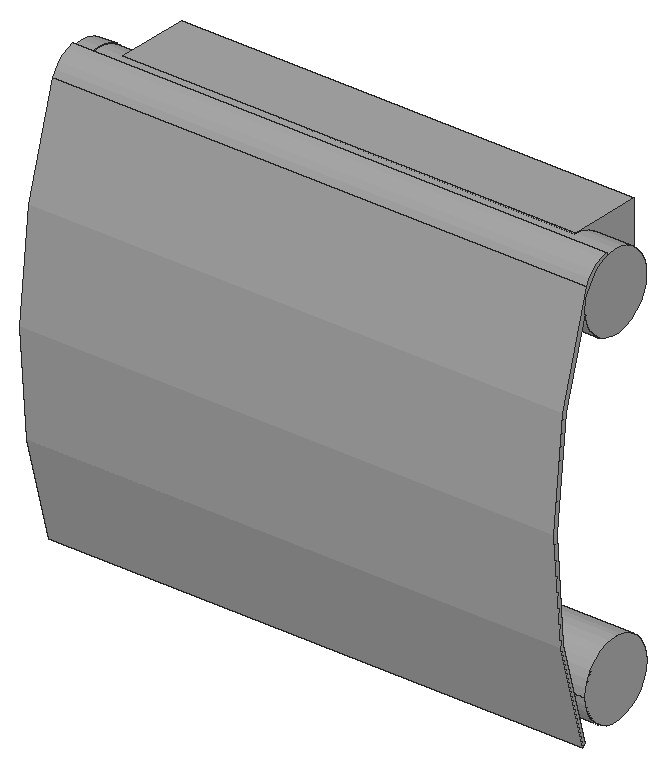
Revit family "KEUCO_14960010000", category Sonderausstattung, Revit 2016
Family settings
  Teiletyp = Normal
  Bemaßung runder Anschluss = Durchmesser verwenden
  Arbeitsebenenbasiert = Nein
  Immer vertikal = Ja
  Beim Laden mit Abzugskörper schneiden = Nein
  Gemeinsam genutzt = Nein
  Raumberechnungspunkt = Nein
Parameters
  Verwendung = "GWC / WC"  # constant formula
  URL = "https://www.keuco.com"
  Serie = "Plan"  # constant formula
  Preisgruppe = "1"  # constant formula
  Material Papierhalter [instance] = Verchromt
  Materialien bei Hersteller anfragen = "Anfrage zu:  objektmanagement@keuco.de"
  Kategorie = "ACC"  # constant formula
  Hersteller = "KEUCO"  # constant formula
  Gewicht = 382
  Beschreibung = "mit Deckel\r\nfür Rollenbreite 100/120 mm"
  Ausschreibungstext = "KEUCO PLAN Toilettenpapierhalter 14960010000\r\nHochglanzverchromter Toilettenpapierhalter \r\nin ästhetischem, funktionalem Design, \r\nmit formschönen gewölbtem Deckel\r\nfür Rollenbreite 100/120 mm\r\nBreite 133 mm, Höhe 110 mm, Ausladung 38 mm\r\nDer Toilettenpapierhalter wird verdeckt angebracht\r\nLieferung inkl. korrosionsfreiem Befestigungsmaterial"
  Artikelnummer = "14960010000"
Types (4, lengths in mm): name | URL | Material Papierhalter | Materialien bei Hersteller anfragen | Ausschreibungstext | Artikelnummer
  (no name) | "https://www.keuco.com" | Verchromt | "Anfrage zu:  objektmanagement@keuco.de" | "KEUCO PLAN Toilettenpapierhalter 14960010000\r\nHochglanzverchromter Toilettenpapierhalter \r\nin ästhetischem, funktionalem Design, \r\nmit formschönen gewölbtem Deckel\r\nfür Rollenbreite 100/120 mm\r\nBreite 133 mm, Höhe 110 mm, Ausladung 38 mm\r\nDer Toilettenpapierhalter wird verdeckt angebracht\r\nLieferung inkl. korrosionsfreiem Befestigungsmaterial" | "14960010000"
  14960010000 | "https://www.keuco.com/de/produkte/sortiment/artikel/?pid=14960&oid=1&pgo=14&country=de&lang=de&vid=14960010000" | Verchromt | "Request to:  objektmanagement@keuco.de" | "KEUCO PLAN Toilettenpapierhalter 14960010000\r\nHochglanzverchromter Toilettenpapierhalter \r\nin ästhetischem, funktionalem Design, \r\nmit formschönen gewölbtem Deckel\r\nfür Rollenbreite 100/120 mm\r\nBreite 133 mm, Höhe 110 mm, Ausladung 38 mm\r\nDer Toilettenpapierhalter wird verdeckt angebracht\r\nLieferung inkl. korrosionsfreiem Befestigungsmaterial" | "14960010000"
  14960070000 | "https://www.keuco.com/de/produkte/sortiment/artikel/?pid=14960&oid=1&pgo=14&country=de&lang=de&vid=14960070000" | Edelstahl | "Request to:  objektmanagement@keuco.de" | "KEUCO PLAN Toilettenpapierhalter 14960070000\r\nToilettenpapierhalter aus hochwertigem Edelstahl \r\nin ästhetischem, funktionalem Design, \r\nmit formschönen gewölbtem Deckel\r\nfür Rollenbreite 100/120 mm\r\nBreite 133 mm, Höhe 110 mm, Ausladung 38 mm\r\nDer Toilettenpapierhalter wird verdeckt angebracht\r\nLieferung inkl. korrosionsfreiem Befestigungsmaterial" | "14960070000"
  14960170000 | "https://www.keuco.com/de/produkte/sortiment/artikel/?pid=14960&oid=1&pgo=14&country=de&lang=de&vid=14960170000" | Aluminium silber-eloxiert (E6 EV1) | "Request to:  objektmanagement@keuco.de" | "KEUCO PLAN Toilettenpapierhalter 14960170000\r\nToilettenpapierhalter aus silber-eloxiertem Aluminium (E6 EV1)/verchromt\r\nin ästhetischem, funktionalem Design, \r\nmit formschönen gewölbtem Deckel \r\nfür Rollenbreite 100/120 mm\r\nDie Wandhalterung ist als Design-Element hochglanzverchromt\r\nBreite 133 mm, Höhe 110 mm, Ausladung 38 mm\r\nDer Toilettenpapierhalter wird verdeckt angebracht\r\nLieferung inkl. korrosionsfreiem Befestigungsmaterial" | "14960170000"
Reference planes
  plane 1 "Center (Front/Back)": y = 0
  plane 2: z = 0
  plane 3 "Center (Left/Right)": x = 0
  plane 4: y = -27.061
  plane 5: z = -105.139
  plane 6: x = -66.25
  plane 7: x = 66.25
  plane 8: z = -19.013
  plane 9: x = -56.023
  plane 10: x = 56.25
  plane 11: y = -37.824
Forms (mm)
  Extrusion 1, solid, material "Verchromt" <- "Material Papierhalter"
    sketch origin (0, 0, 0) x (0, 1, 0) y (0, 0, 1)
      loop
        line (0, -19.013) -> (0, 0) -> (-18.125, 0)
        arc (-18.125, 0) -> (-8.619, -9.506) -> (-18.125, -19.013) r 9.506
        line (-18.125, -19.013) -> (0, -19.013)
    from -56.023 to 56.25
  Extrusion 2, solid, material "Verchromt" <- "Material Papierhalter"
    sketch origin (0, 0, 0) x (0, 1, 0) y (0, 0, 1)
      loop
        circle (-18.125, -9.5) r 9.5
    from -61.994 to 66.25
  Extrusion 3, solid, material "Verchromt" <- "Material Papierhalter"
    sketch origin (0, 0, -86.858) x (0, 1, 0) y (0, 0, 1)
      loop
        circle (-18.041, -8.781) r 9.5
    from -61.994 to 66.25
  Extrusion 4, solid, material "Verchromt" <- "Material Papierhalter"
    sketch origin (0, 0, 0) x (0, 1, 0) y (0, 0, 1)
      loop
        line (-8.541, -95.638) -> (-8.541, -9.521)
        arc (-8.541, -9.521) -> (-18.062, 0) -> (-27.583, -9.521) r 9.521
        line (-27.583, -9.521) -> (-27.583, -95.638)
        arc (-27.583, -95.638) -> (-18.062, -105.159) -> (-8.541, -95.638) r 9.521
    from -66.25 to -61.994
  Extrusion 5, solid, material "Verchromt" <- "Material Papierhalter"
    sketch origin (0, 2.495, 0.352) x (0, 0.999366, -0.035605) y (0, 0.035605, 0.999366)
      loop
        arc (-29.364, -5.917) -> (-37.789, -57.133) -> (-27.061, -107.917) r 140.618
        line (-27.061, -107.917) -> (-26.359, -107.215)
        arc (-26.359, -107.215) -> (-36.892, -56.988) -> (-28.55, -6.352) r 139.496
        arc (-28.55, -6.352) -> (-26.522, -3.37) -> (-23.317, -1.719) r 7.318
        line (-23.317, -1.719) -> (-23.353, -0.715)
        arc (-23.353, -0.715) -> (-27.035, -2.534) -> (-29.364, -5.917) r 8.16
    from -66.25 to 66.25
Lines and regions (mm)
  symbolic lines
    curve 1: line (-56.023, 0, 0) -> (56.25, 0, 0)
    curve 2: line (56.25, 0, 0) -> (56.25, -8.984, 0)
    curve 3: line (-66.25, -8.984, 0) -> (66.25, -8.984, 0)
    curve 4: line (66.25, -8.984, 0) -> (66.25, -27.266, 0)
    curve 5: line (66.25, -27.266, 0) -> (-66.25, -27.266, 0)
    curve 6: line (-66.25, -27.266, 0) -> (-66.25, -8.984, 0)
    curve 7: line (-56.023, -8.984, 0) -> (-56.023, 0, 0)
Dimensions and locks
  locked: plane 4 to plane 1 "Center (Front/Back)" at 27.061
  plane 2 to plane 5 = 105.139 mm
  equal spacing: plane 6, plane 3 "Center (Left/Right)", plane 7
  locked: plane 6 to plane 7 at 132.5
  level to plane 8 = 19.013 mm
  locked: plane 7 to plane 10 at 10
  locked: plane 9 to plane 6 at 10.227
  locked: Extrusion 4 to plane 6 at 4.256
  plane 1 "Center (Front/Back)" to plane 11 = 37.824 mm
  aligned and locked: level to plane 2
  aligned and locked: Extrusion 1 to plane 9
  aligned and locked: plane 10 to Extrusion 1
  aligned and locked: plane 7 to Extrusion 2
  aligned and locked: Extrusion 4 to plane 6
  aligned and locked: Extrusion 2 to Extrusion 4
  aligned and locked: Extrusion 2 to Extrusion 3
  aligned and locked: plane 7 to Extrusion 3
Automatic sketch dimensions
  plane 4 to Extrusion 2 sketch curve = 8.936 mm
  Extrusion 2 sketch curve to level = 9.5 mm
  plane 4 to Extrusion 3 sketch curve = 9.02 mm
  plane 5 to Extrusion 3 sketch curve = 9.5 mm
  Extrusion 1 sketch curve to plane 8 = 0 mm  (x2)
  Extrusion 1 sketch curve to level = 0 mm  (x2)
  Extrusion 1 sketch curve to plane 1 "Center (Front/Back)" = 0 mm
  plane 4 to Extrusion 1 sketch curve = 8.936 mm
  Extrusion 1 sketch curve to Extrusion 1 sketch curve = 0 mm  (x2)
  curve 3 to plane 6 = 0 mm
  curve 7 to plane 9 = 0 mm
  plane 1 "Center (Front/Back)" to curve 2 = 0 mm
  curve 2 to plane 10 = 0 mm
  curve 3 to plane 7 = 0 mm
  curve 5 to plane 4 = 0.205 mm
  plane 1 "Center (Front/Back)" to curve 2 = 8.984 mm
  Extrusion 4 sketch curve to plane 4 = 0.522 mm
  plane 4 to Extrusion 4 sketch curve = 8.999 mm
  plane 5 to Extrusion 4 sketch curve = 9.5 mm
  plane 8 to Extrusion 4 sketch curve = 9.492 mm
  Extrusion 5 sketch curve to plane 4 = 0 mm  (x2)
  Extrusion 5 sketch curve to plane 4 = 1.33 mm
  Extrusion 5 sketch curve to plane 5 = 1.394 mm
  Extrusion 5 sketch curve to Extrusion 5 sketch curve = 0.702 mm  (x2)
  Extrusion 5 sketch curve to Extrusion 5 sketch curve = 4.663 mm
  Extrusion 5 sketch curve to Extrusion 5 sketch curve = 0.024 mm
  Extrusion 5 sketch curve to Extrusion 5 sketch curve = 124.243 mm
  Extrusion 5 sketch curve to Extrusion 5 sketch curve = 0.222 mm
  Extrusion 5 sketch curve to Extrusion 5 sketch curve = 53.256 mm
  Extrusion 5 sketch curve to Extrusion 5 sketch curve = 0 mm  (x2)
  Extrusion 5 sketch curve to Extrusion 5 sketch curve = 0.144 mm
  Extrusion 5 sketch curve to Extrusion 5 sketch curve = 5.198 mm
  Extrusion 5 sketch curve to Extrusion 5 sketch curve = 0.036 mm
  radius of Extrusion 2 sketch curve = 9.5 mm
  radius of Extrusion 3 sketch curve = 9.5 mm
